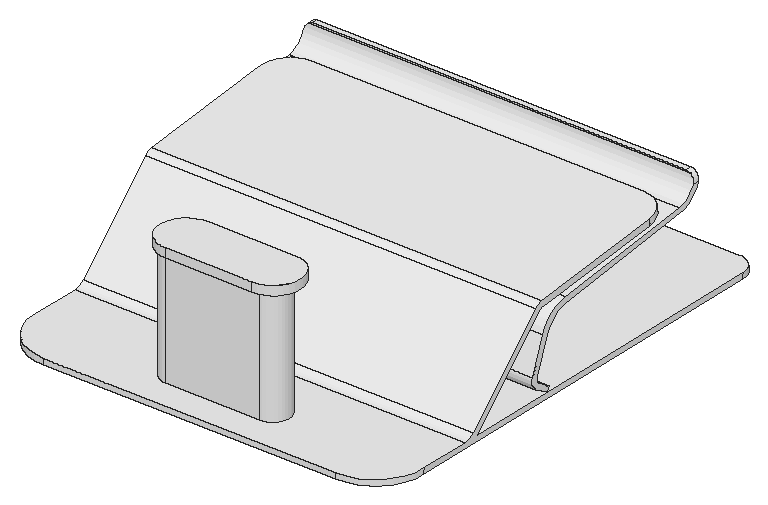
Revit family "Mobile_Device_Holder-Bobrick-Klutch-B-635", category Specialty Equipment, host Face, Revit 2014
Parameters (values of type "B-635")
  Width = 7 1/2"  # constant formula
  URL = "http://www.bobrick.com/"
  Type Comments = ""
  Product Page URL = "http://products.bobrick.com/washroomaccessories/pages/productdetails.aspx?product+number=b-635"
  Product Documentation Link = "http://products.bobrick.com/Documents/B-635_td.pdf"
  Price = "Prices may vary. Please consult Manufacturer Representative for most up-to-date price list."  # constant formula
  Model = "B-635"
  Material = "Stainless Steel-Bobrick-Type 304-Satin"
  Manufacturer = "Bobrick"
  Length = 2 1/2"  # constant formula
  Installation Type = "Wall Mounted"  # constant formula
  Height = 9"  # constant formula
  Finish = Stainless Steel-Bobrick-Type 304-Satin
  Description = "Klutch Mobile Device Holder"
  Default Elevation = 38"  # constant formula
  Creation Date = "04/30/2019"  # constant formula
  Assembly Code = "C1030210"
Reference planes (in)
  plane 1 "Center (Front/Back)": y = 0
  plane 2: z = 0
  plane 3 "Center (Left/Right)": x = 0
  plane 4: z = 2.5
  plane 5: x = -3.75
  plane 6: x = 3.75
  plane 7: y = 2.01522
  plane 8: y = -6.98478
  plane 9: z = 1.4375
  plane 10: z = 1.73904
Forms (in)
  Extrusion 1, solid, material "Stainless Steel-Bobrick-Type 304-Satin" <- "Finish"
    sketch origin (0, 0, 0) x (1, 0, 0) y (0, 1, 0)
      loop
        arc (-3.34355, 2.01522) -> (-3.63095, 1.89617) -> (-3.75, 1.60877) r 0.40645
        line (-3.75, 1.60877) -> (-3.75, -6.03998)
        arc (-3.75, -6.03998) -> (-3.47327, -6.70806) -> (-2.8052, -6.98478) r 0.9448
        line (-2.8052, -6.98478) -> (2.80469, -6.98478)
        arc (2.80469, -6.98478) -> (3.47312, -6.70791) -> (3.75, -6.03947) r 0.94531
        line (3.75, -6.03947) -> (3.75, 1.60897)
        arc (3.75, 1.60897) -> (3.63101, 1.89623) -> (3.34375, 2.01522) r 0.40625
        line (3.34375, 2.01522) -> (-3.34355, 2.01522)
    from 0 to 0.10418
  Extrusion 2, solid, material "Stainless Steel-Bobrick-Type 304-Satin" <- "Finish"
    sketch origin (0, -0.01087, 0) x (0, 1, 0) y (0, 0, 1)
      loop
        line (-0.07516, 2.068) -> (-3.20504, 1.73904)
        arc (-3.20504, 1.73904) -> (-3.28398, 1.71677) -> (-3.35097, 1.66943) r 0.24219
        line (-3.35097, 1.66943) -> (-4.83468, 0.18572)
        arc (-4.83468, 0.18572) -> (-4.925, 0.12537) -> (-5.03154, 0.10418) r 0.2784
        line (-5.03154, 0.10418) -> (-5.57938, 0.10418) -> (-5.57938, 0) -> (-4.87124, 0) -> (-3.30254, 1.5687)
        arc (-3.30254, 1.5687) -> (-3.23584, 1.61584) -> (-3.15723, 1.63801) r 0.24115
        line (-3.15723, 1.63801) -> (-0.06413, 1.96311) -> (-0.07516, 2.068)
      loop
        line (-3.08289, 0.11725) -> (-3.027, 0.20669) -> (-3.28846, 0.37007)
        arc (-3.28846, 0.37007) -> (-3.32787, 0.42052) -> (-3.32564, 0.4845) r 0.09359
        line (-3.32564, 0.4845) -> (-3.07607, 1.10222)
        arc (-3.07607, 1.10222) -> (-2.89402, 1.34161) -> (-2.61567, 1.45549) r 0.5717
        line (-2.61567, 1.45549) -> (0.12224, 1.79166)
        arc (0.12224, 1.79166) -> (0.44666, 1.96235) -> (0.57653, 2.30515) r 0.51734
        line (0.57653, 2.30515) -> (0.57653, 2.3394) -> (0.47106, 2.3394) -> (0.47106, 2.30515)
        arc (0.47106, 2.30515) -> (0.36767, 2.03223) -> (0.10939, 1.89635) r 0.41187
        line (0.10939, 1.89635) -> (-2.62852, 1.56017)
        arc (-2.62852, 1.56017) -> (-2.95823, 1.42529) -> (-3.17386, 1.14173) r 0.67717
        line (-3.17386, 1.14173) -> (-3.42343, 0.52401)
        arc (-3.42343, 0.52401) -> (-3.42818, 0.38793) -> (-3.34435, 0.28063) r 0.19906
        line (-3.34435, 0.28063) -> (-3.08289, 0.11725)
    from -3.75 to 3.75
  Extrusion 3, void
    sketch origin (0, 0.1859, 0.06844) x (1, 0, 0) y (0, 0.994522, 0.104528)
      loop
        line (-3.75, -0.06143) -> (-3.75, -0.61601)
        arc (-3.75, -0.61601) -> (-3.58757, -0.22386) -> (-3.19542, -0.06143) r 0.55458
        line (-3.19542, -0.06143) -> (-3.75, -0.06143)
      loop
        line (3.75, -0.06143) -> (3.19542, -0.06143)
        arc (3.19542, -0.06143) -> (3.58757, -0.22386) -> (3.75, -0.61601) r 0.55458
        line (3.75, -0.61601) -> (3.75, -0.06143)
    from 1.91156 to 2.01703
  Extrusion 4, void
    sketch origin (0, 0, 0) x (1, 0, 0) y (0, 0, 1)
      loop
        line (3.75, 2.3394) -> (3.59114, 2.3394)
        arc (3.59114, 2.3394) -> (3.70502, 2.27365) -> (3.75, 2.15008) r 0.19224
        line (3.75, 2.15008) -> (3.75, 2.3394)
      loop
        line (-3.75, 2.3394) -> (-3.75, 2.15008)
        arc (-3.75, 2.15008) -> (-3.70502, 2.27365) -> (-3.59114, 2.3394) r 0.19224
        line (-3.59114, 2.3394) -> (-3.75, 2.3394)
    from -0.56566 to -0.42134
  Extrusion 5, solid, material "Stainless Steel-Bobrick-Type 304-Satin" <- "Finish"
    sketch origin (0, 0, 0) x (1, 0, 0) y (0, 1, 0)
      loop
        arc (-0.83161, -5.49275) -> (-1.34656, -6.0077) -> (-0.83161, -6.52265) r 0.51495
        line (-0.83161, -6.52265) -> (0.83161, -6.52265)
        arc (0.83161, -6.52265) -> (1.34656, -6.0077) -> (0.83161, -5.49275) r 0.51495
        line (0.83161, -5.49275) -> (-0.83161, -5.49275)
    from 2.32832 to 2.5
  Extrusion 6, solid, material "Stainless Steel-Bobrick-Type 304-Satin" <- "Finish"
    sketch origin (0, 0, 0) x (1, 0, 0) y (0, 1, 0)
      loop
        arc (-0.90415, -5.80435) -> (-1.21665, -6.11685) -> (-0.90415, -6.42935) r 0.3125
        line (-0.90415, -6.42935) -> (0.90415, -6.42935)
        arc (0.90415, -6.42935) -> (1.21665, -6.11685) -> (0.90415, -5.80435) r 0.3125
        line (0.90415, -5.80435) -> (-0.90415, -5.80435)
    from 0 to 2.3394
  Extrusion 7, solid, material "Rubber-Bobrick-Black"
    sketch origin (0, 0, 0) x (0, 1, 0) y (0, 0, 1)
      loop
        line (0.11323, 1.78324) -> (-2.62273, 1.45595) -> (-2.62273, 1.42447) -> (0.11716, 1.75172)
        arc (0.11716, 1.75172) -> (0.45962, 1.93137) -> (0.59677, 2.29295) r 0.54519
        arc (0.59677, 2.29295) -> (0.5815, 2.30892) -> (0.56553, 2.29365) r 0.01562
        arc (0.56553, 2.29365) -> (0.43619, 1.95266) -> (0.11323, 1.78324) r 0.51414
    from -1.90283 to -1.09541
  Extrusion 8, solid, material "Rubber-Bobrick-Black"
    sketch origin (0, 0, 0) x (0, 1, 0) y (0, 0, -1)
      loop
        arc (0.11323, -1.78324) -> (0.43619, -1.95266) -> (0.56553, -2.29365) r 0.51414
        arc (0.56553, -2.29365) -> (0.5815, -2.30892) -> (0.59677, -2.29295) r 0.01562
        arc (0.59677, -2.29295) -> (0.45962, -1.93137) -> (0.11716, -1.75172) r 0.54519
        line (0.11716, -1.75172) -> (-2.62273, -1.42447) -> (-2.62273, -1.45595) -> (0.11323, -1.78324)
    from -1.90283 to -1.09541
  Extrusion 9, solid, material "Rubber-Bobrick-Black"
    sketch origin (0, 0, 0) x (1, 0, 0) y (0, 1, 0)
      loop
        line (-1.90283, -3.04063) -> (-1.09541, -3.04063) -> (-1.09541, 1.83162)
        arc (-1.09541, 1.83162) -> (-1.14918, 1.96144) -> (-1.279, 2.01522) r 0.18359
        line (-1.279, 2.01522) -> (-1.72074, 2.01522)
        arc (-1.72074, 2.01522) -> (-1.8495, 1.96188) -> (-1.90283, 1.83313) r 0.18209
        line (-1.90283, 1.83313) -> (-1.90283, -3.04063)
      loop
        line (1.90283, -3.04063) -> (1.90283, 1.83313)
        arc (1.90283, 1.83313) -> (1.8495, 1.96188) -> (1.72074, 2.01522) r 0.18209
        line (1.72074, 2.01522) -> (1.279, 2.01522)
        arc (1.279, 2.01522) -> (1.14918, 1.96144) -> (1.09541, 1.83162) r 0.18359
        line (1.09541, 1.83162) -> (1.09541, -3.04063) -> (1.90283, -3.04063)
    from 0.10418 to 0.14269
Cuts and joins
  Extrusion 3, Extrusion 4 cuts Extrusion 2
  joined: Extrusion 1, Extrusion 2, Extrusion 5, Extrusion 6
  joined: Extrusion 7, Extrusion 8, Extrusion 9
Lines and regions (in)
  Masking region 1
    outline origin (0, 0, 0) x (1, 0, 0) y (0, 0, 1)
      loop
        line (3.59114, 2.3394) -> (1.34656, 2.3394) -> (1.34656, 2.5) -> (-1.34656, 2.5) -> (-1.34656, 2.3394) -> (-3.59114, 2.3394)
        arc (-3.59114, 2.3394) -> (-3.70502, 2.27365) -> (-3.75, 2.15008) r 0.19224
        line (-3.75, 2.15008) -> (-3.75, 0) -> (3.75, 0) -> (3.75, 2.15008)
        arc (3.75, 2.15008) -> (3.70502, 2.27365) -> (3.59114, 2.3394) r 0.19224
  symbolic lines, detail levels medium+fine
    curve 1: line (1.34656, 0, 2.3394) -> (-1.34656, 0, 2.3394)
    curve 2: line (3.75, 0, 0.10418) -> (-3.75, 0, 0.10418)
  symbolic lines, detail levels fine
    curve 3: line (1.90283, 0, 0.10418) -> (1.90283, 0, 0.14269)
    curve 4: line (1.90283, 0, 0.14269) -> (1.09541, 0, 0.14269)
    curve 5: line (1.09541, 0, 0.14269) -> (1.09541, 0, 0.10418)
    curve 6: line (-1.09541, 0, 0.10418) -> (-1.09541, 0, 0.14269)
    curve 7: line (-1.09541, 0, 0.14269) -> (-1.90283, 0, 0.14269)
    curve 8: line (-1.90283, 0, 0.14269) -> (-1.90283, 0, 0.10418)
    curve 9: line (1.90283, 0, 2.30892) -> (1.09541, 0, 2.30892)
    curve 10: line (1.90283, 0, 1.42447) -> (1.90283, 0, 2.30892)
    curve 11: line (1.09541, 0, 1.42447) -> (1.90283, 0, 1.42447)
    curve 12: line (1.09541, 0, 2.30892) -> (1.09541, 0, 1.42447)
    curve 13: line (-1.09541, 0, 2.30892) -> (-1.90283, 0, 2.30892)
    curve 14: line (-1.09541, 0, 1.42447) -> (-1.09541, 0, 2.30892)
    curve 15: line (-1.90283, 0, 1.42447) -> (-1.09541, 0, 1.42447)
    curve 16: line (-1.90283, 0, 2.30892) -> (-1.90283, 0, 1.42447)
    curve 17: line (-1.09541, 0, 2.29295) -> (-1.90283, 0, 2.29295)
    curve 18: line (1.90283, 0, 2.29295) -> (1.09541, 0, 2.29295)
Dimensions and locks (in)
  "Length": plane 4 to level
  equal spacing: plane 5, plane 3 "Center (Left/Right)", plane 6
  "Width": plane 5 to plane 6
  locked: plane 1 "Center (Front/Back)" to plane 7 at 2.01522
  "Height": plane 8 to plane 7
  locked: plane 9 to level at 1.4375
  radius of Extrusion 1 sketch curve = 0.40645"
  radius of Extrusion 1 sketch curve = 0.9448"
  radius of Extrusion 1 sketch curve = 121/128"
  radius of Extrusion 1 sketch curve = 13/32"
  aligned and locked: plane 2 to host face
  aligned and locked: level to host face
  aligned and locked: plane 7 to Extrusion 1 sketch curve
  aligned and locked: plane 5 to Extrusion 1 sketch curve
  aligned and locked: plane 8 to Extrusion 1 sketch curve
  aligned and locked: Extrusion 3 to Extrusion 2
  aligned and locked: Extrusion 2 to Extrusion 3
  aligned and locked: plane 4 to Extrusion 5
  aligned and locked: cut or joined group of Extrusion 7, Extrusion 8, Extrusion 9 to cut or joined group of Extrusion 7, Extrusion 8, Extrusion 9
  aligned and locked: Masking region 1 sketch curve to cut or joined group of Extrusion 1, Extrusion 2, Extrusion 3, Extrusion 4, Extrusion 5, Extrusion 6  (x5)
Automatic sketch dimensions
  host sketch curve to host sketch curve = 96"  (x2)
  Extrusion 1 sketch curve to plane 6 = 0"
  Extrusion 2 sketch curve to Extrusion 2 sketch curve = 0"  (x6)
  Extrusion 2 sketch curve to level = 0"
  Extrusion 2 sketch curve to plane 10 = 0"
  plane 8 to Extrusion 2 sketch curve = 1 101/256"
  Extrusion 2 sketch curve to Extrusion 2 sketch curve = 0.54785"
  Extrusion 2 sketch curve to Extrusion 2 sketch curve = 0.16029"
  level to Extrusion 2 sketch curve = 0.18572"
  Extrusion 2 sketch curve to Extrusion 2 sketch curve = 0.03657"
  level to Extrusion 2 sketch curve = 0.52401"
  Extrusion 2 sketch curve to Extrusion 2 sketch curve = 1.41125"
  plane 10 to Extrusion 2 sketch curve = 0.06961"
  Extrusion 2 sketch curve to Extrusion 2 sketch curve = 0.07246"
  level to Extrusion 2 sketch curve = 0.28063"
  Extrusion 2 sketch curve to Extrusion 2 sketch curve = 0.07908"
  level to Extrusion 2 sketch curve = 0.4845"
  Extrusion 2 sketch curve to Extrusion 2 sketch curve = 0.09779"  (x2)
  plane 9 to Extrusion 2 sketch curve = 0.1312"
  Extrusion 2 sketch curve to Extrusion 2 sketch curve = 0.04843"
  level to Extrusion 2 sketch curve = 0.37007"
  Extrusion 2 sketch curve to Extrusion 2 sketch curve = 0.08678"
  Extrusion 2 sketch curve to Extrusion 2 sketch curve = 0.14594"
  plane 9 to Extrusion 2 sketch curve = 0.06067"
  Extrusion 2 sketch curve to plane 9 = 0.29577"
  Extrusion 2 sketch curve to Extrusion 2 sketch curve = 0.00586"
  plane 10 to Extrusion 2 sketch curve = 0.10103"
  Extrusion 2 sketch curve to Extrusion 2 sketch curve = 0.0478"
  Extrusion 2 sketch curve to plane 9 = 0.03932"
  level to Extrusion 2 sketch curve = 0.11725"
  Extrusion 2 sketch curve to Extrusion 2 sketch curve = 0.26146"
  Extrusion 2 sketch curve to plane 9 = 0.33528"
  plane 9 to Extrusion 2 sketch curve = 0.12267"
  Extrusion 2 sketch curve to Extrusion 2 sketch curve = 0.5035"
  plane 9 to Extrusion 2 sketch curve = 0.01799"
  Extrusion 2 sketch curve to plane 9 = 0.54945"
  plane 1 "Center (Front/Back)" to Extrusion 2 sketch curve = 0.08603"
  plane 1 "Center (Front/Back)" to Extrusion 2 sketch curve = 0.07501"
  Extrusion 2 sketch curve to plane 1 "Center (Front/Back)" = 0.04832"
  Extrusion 2 sketch curve to plane 1 "Center (Front/Back)" = 0.09851"
  Extrusion 2 sketch curve to plane 10 = 0.05263"
  Extrusion 2 sketch curve to Extrusion 2 sketch curve = 0.01285"
  Extrusion 2 sketch curve to plane 4 = 0.1606"
  Extrusion 2 sketch curve to Extrusion 2 sketch curve = 0.41187"
  Extrusion 2 sketch curve to Extrusion 2 sketch curve = 27/256"
  Extrusion 2 sketch curve to Extrusion 2 sketch curve = 0.10418"
  Extrusion 3 sketch curve to plane 5 = 0"
  Extrusion 3 sketch curve to plane 6 = 0"
  plane 5 to Extrusion 3 sketch curve = 0.55458"
  Extrusion 3 sketch curve to Extrusion 3 sketch curve = 0.55458"
  Extrusion 3 sketch curve to Extrusion 3 sketch curve = 0"
  Extrusion 4 sketch curve to plane 5 = 0"
  plane 6 to Extrusion 4 sketch curve = 0"
  Extrusion 4 sketch curve to Extrusion 4 sketch curve = 0.15886"
  Extrusion 4 sketch curve to Extrusion 4 sketch curve = 0.03338"
  plane 6 to Extrusion 4 sketch curve = 0.19224"
  plane 6 to Extrusion 4 sketch curve = 0.15886"
  Extrusion 4 sketch curve to plane 4 = 0.34992"  (x2)
  Extrusion 5 sketch curve to plane 3 "Center (Left/Right)" = 0.83161"
  plane 3 "Center (Left/Right)" to Extrusion 5 sketch curve = 0.83161"
  plane 8 to Extrusion 5 sketch curve = 0.46213"
  Extrusion 5 sketch curve to Extrusion 5 sketch curve = 0.51495"
  Extrusion 6 sketch curve to plane 3 "Center (Left/Right)" = 0.90415"
  plane 3 "Center (Left/Right)" to Extrusion 6 sketch curve = 0.90415"
  plane 8 to Extrusion 6 sketch curve = 0.55544"
  Extrusion 6 sketch curve to Extrusion 6 sketch curve = 5/16"
  Extrusion 7 sketch curve to plane 9 = 0.01303"
  plane 1 "Center (Front/Back)" to Extrusion 7 sketch curve = 2.62273"
  Extrusion 7 sketch curve to plane 1 "Center (Front/Back)" = 0.05139"
  Extrusion 7 sketch curve to Extrusion 7 sketch curve = 0.00019"
  Extrusion 7 sketch curve to plane 10 = 0.04421"
  Extrusion 7 sketch curve to plane 1 "Center (Front/Back)" = 0.11323"
  Extrusion 7 sketch curve to plane 10 = 0.01268"
  Extrusion 7 sketch curve to Extrusion 7 sketch curve = 1/256"
  Extrusion 7 sketch curve to plane 4 = 0.2067"
  Extrusion 7 sketch curve to Extrusion 7 sketch curve = 0.52957"
  plane 9 to Extrusion 7 sketch curve = 0.01845"
  Extrusion 7 sketch curve to plane 4 = 53/256"
  Extrusion 8 sketch curve to plane 9 = 0.01303"
  plane 1 "Center (Front/Back)" to Extrusion 8 sketch curve = 2.62273"
  Extrusion 8 sketch curve to plane 1 "Center (Front/Back)" = 0.05139"
  Extrusion 8 sketch curve to Extrusion 8 sketch curve = 0.00019"
  Extrusion 8 sketch curve to plane 10 = 0.04421"
  Extrusion 8 sketch curve to plane 1 "Center (Front/Back)" = 0.11323"
  Extrusion 8 sketch curve to plane 10 = 0.01268"
  Extrusion 8 sketch curve to Extrusion 8 sketch curve = 1/256"
  Extrusion 8 sketch curve to plane 4 = 0.2067"
  Extrusion 8 sketch curve to Extrusion 8 sketch curve = 0.52957"
  Extrusion 8 sketch curve to plane 4 = 0.20635"
  plane 9 to Extrusion 8 sketch curve = 0.01845"
  plane 1 "Center (Front/Back)" to Extrusion 9 sketch curve = 3.04063"  (x2)
  plane 7 to Extrusion 9 sketch curve = 0"  (x2)
  plane 5 to Extrusion 9 sketch curve = 1.84717"
  Extrusion 9 sketch curve to Extrusion 9 sketch curve = 0.18209"
  Extrusion 9 sketch curve to Extrusion 9 sketch curve = 0.44174"  (x2)
  plane 7 to Extrusion 9 sketch curve = 47/256"
  plane 3 "Center (Left/Right)" to Extrusion 9 sketch curve = 1.09541"
  Extrusion 9 sketch curve to Extrusion 9 sketch curve = 47/256"
  plane 7 to Extrusion 9 sketch curve = 0.18209"
  Masking region 1 sketch curve to level = 0"
  Masking region 1 sketch curve to plane 3 "Center (Left/Right)" = 1.34656"
  plane 3 "Center (Left/Right)" to Masking region 1 sketch curve = 1.34656"
  plane 5 to Masking region 1 sketch curve = 0.15886"
  curve 2 to plane 5 = 0"
  plane 6 to curve 2 = 0"
  level to curve 7 = 0.14269"
  plane 5 to curve 7 = 1.84717"
  curve 16 to plane 9 = 0.01303"
  curve 16 to curve 7 = 0"
  curve 7 to curve 6 = 0.80742"
  curve 15 to curve 14 = 0.80742"
  curve 12 to plane 4 = 0.19108"
  plane 3 "Center (Left/Right)" to curve 12 = 1.09541"
  level to curve 5 = 0.14269"
  plane 3 "Center (Left/Right)" to curve 5 = 1.09541"
  curve 11 to plane 9 = 0.01303"
  curve 11 to curve 11 = 0.80742"
  curve 4 to curve 4 = 0.80742"
  curve 13 to plane 4 = 0.19108"
  curve 1 to curve 13 = 0.25116"
  curve 9 to curve 1 = 0.25116"
  curve 6 to curve 6 = 0.03851"
  curve 17 to curve 13 = 0.01597"
  curve 18 to curve 9 = 0.01597"
  curve 1 to plane 4 = 0.1606"
